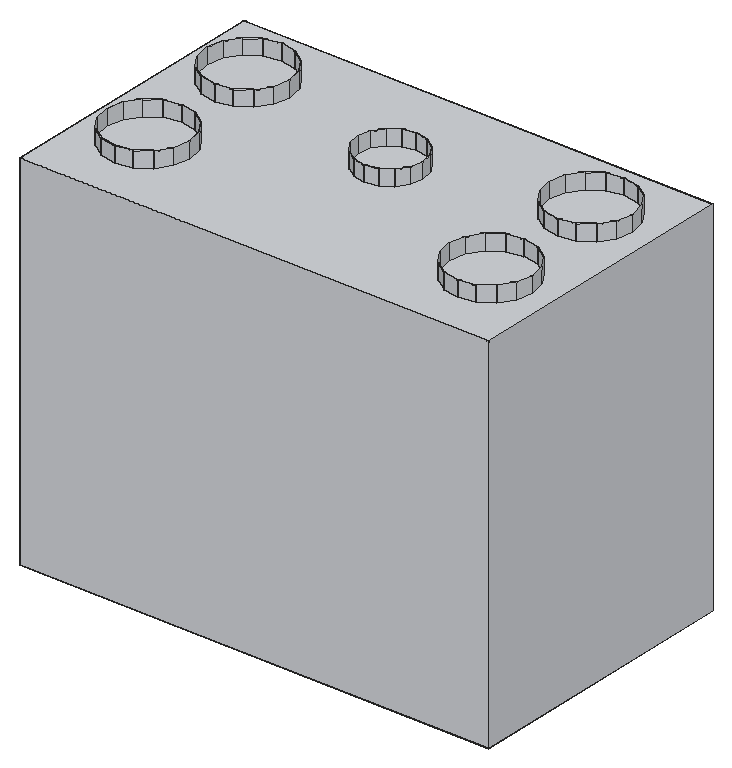
Revit family "Flexit UNI 4 R E EC R 230", category Mechanical Equipment, Revit 2015
Parameters (values of type "Flexit UNI 4 R E EC R 230")
  magiXML = "<Flexit>\r\n  <RevitBlockID>Block1</RevitBlockID>\r\n  <Block id=\"Block1\" view=\"256\" unit_height=\"700\" subtype=\"1001\">\r\n    <prop id=\"QPDClass\">AFA</prop>\r\n    <prop id=\"ProductKey\">Flexit-UNI-4-R-E-EC-R-230</prop>\r\n    <prop id=\"ProductCode\">Flexit UNI 4 R E EC R 230</prop>\r\n    <prop id=\"UnitName\"></prop>\r\n    <prop id=\"Description\" info=\"Unit description\">Flexit UNI 4 R E EC R 230</prop>\r\n    <prop id=\"ProjectFile\" info=\"Flexit project file name\">K2VE.FLX</prop>\r\n    <prop id=\"Weight\" info=\"Weight\" units=\"kg\">86.0</prop>\r\n    <prop id=\"Dimensions\" info=\"Dimensions\" units=\"mm\">900 537 700</prop>\r\n    <prop id=\"SupplyAirFlow\" info=\"Supply air flow\" units=\"m3/h\">100.000</prop>\r\n    <prop id=\"ExtractAirFlow\" info=\"Extract air flow\" units=\"m3/h\">100.000</prop>\r\n    <prop id=\"SupplyPressureDrop\" info=\"Pressure drop: Supply and Outdoor air ductwork\" units=\"Pa\">100</prop>\r\n    <prop id=\"ExtractPressureDrop\" info=\"Pressure drop: Extract and Exhaust air ductwork\" units=\"Pa\">100</prop>\r\n    <prop id=\"SupplySize\" info=\"Unit size Supply\">4</prop>\r\n    <prop id=\"ExtractSize\" info=\"Unit size Extract\">4</prop>\r\n    <prop id=\"SoundTitle\" info=\"Sound data, ambient\"></prop>\r\n    <prop id=\"SoundTitleOctave\" info=\"Frequency band\">63 125 250 500 1k 2k 4k 8k</prop>\r\n    <prop id=\"SoundAmbient\" info=\"Sound data, ambient\" units=\"dB\">15 26 38 27 22 19 11 2</prop>\r\n    <prop id=\"SoundAmbientTotal\" info=\"Sound ambient, total\" units=\"dB(A)\">31</prop>\r\n    <Connection id=\"Connection1\" type=\"duct\" system=\"outdoor\" info=\"Duct connection outdoor\">\r\n      <prop id=\"Dimension\" info=\"Dimensions\" units=\"mm\">160 0 30</prop>\r\n      <prop id=\"Position\">329 -113 365</prop>\r\n      <prop id=\"Direction\">0 0 1</prop>\r\n      <prop id=\"Normal\">-1 0 0</prop>\r\n      <prop id=\"SoundTitle\" info=\"Sound data\"></prop>\r\n      <prop id=\"SoundTitleOctave\" info=\"Frequency band\">63 125 250 500 1k 2k 4k 8k</prop>\r\n      <prop id=\"SoundGeneration\" info=\"Sound generation\" units=\"dB\">59 57 56 55 43 30 19 4</prop>\r\n      <prop id=\"SoundGenerationTotal\" info=\"Sound generation, total\" units=\"dB(A)\">54</prop>\r\n    </Connection>\r\n    <Connection id=\"Connection2\" type=\"duct\" system=\"supply\" info=\"Duct connection supply\">\r\n      <prop id=\"Dimension\" info=\"Dimensions\" units=\"mm\">160 0 30</prop>\r\n      <prop id=\"Position\">-329 -113 365</prop>\r\n      <prop id=\"Direction\">0 0 1</prop>\r\n      <prop id=\"Normal\">-1 0 0</prop>\r\n      <prop id=\"SoundTitle\" info=\"Sound data\"></prop>\r\n      <prop id=\"SoundTitleOctave\" info=\"Frequency band\">63 125 250 500 1k 2k 4k 8k</prop>\r\n      <prop id=\"SoundGeneration\" info=\"Sound generation\" units=\"dB\">68 67 68 63 57 53 42 28</prop>\r\n      <prop id=\"SoundGenerationTotal\" info=\"Sound generation, total\" units=\"dB(A)\">64</prop>\r\n    </Connection>\r\n    <Connection id=\"Connection3\" type=\"duct\" system=\"extract\" info=\"Duct connection extract\">\r\n      <prop id=\"Dimension\" info=\"Dimensions\" units=\"mm\">160 0 30</prop>\r\n      <prop id=\"Position\">-329 127.500000 365</prop>\r\n      <prop id=\"Direction\">0 0 1</prop>\r\n      <prop id=\"Normal\">-1 0 0</prop>\r\n      <prop id=\"SoundTitle\" info=\"Sound data\"></prop>\r\n      <prop id=\"SoundTitleOctave\" info=\"Frequency band\">63 125 250 500 1k 2k 4k 8k</prop>\r\n      <prop id=\"SoundGeneration\" info=\"Sound generation\" units=\"dB\">59 57 56 55 43 30 19 4</prop>\r\n      <prop id=\"SoundGenerationTotal\" info=\"Sound generation, total\" units=\"dB(A)\">54</prop>\r\n    </Connection>\r\n    <Connection id=\"Connection4\" type=\"duct\" system=\"exhaust\" info=\"Duct connection exhaust\">\r\n      <prop id=\"Dimension\" info=\"Dimensions\" units=\"mm\">160 0 30</prop>\r\n      <prop id=\"Position\">329 127.500000 365</prop>\r\n      <prop id=\"Direction\">0 0 1</prop>\r\n      <prop id=\"Normal\">-1 0 0</prop>\r\n      <prop id=\"SoundTitle\" info=\"Sound data\"></prop>\r\n      <prop id=\"SoundTitleOctave\" info=\"Frequency band\">63 125 250 500 1k 2k 4k 8k</prop>\r\n      <prop id=\"SoundGeneration\" info=\"Sound generation\" units=\"dB\">68 67 68 63 57 53 42 28</prop>\r\n      <prop id=\"SoundGenerationTotal\" info=\"Sound generation, total\" units=\"dB(A)\">64</prop>\r\n    </Connection>\r\n    <Connection id=\"Connection5\" type=\"duct\" system=\"outdoor\" info=\"Duct connection outdoor\">\r\n      <prop id=\"Dimension\" info=\"Dimensions\" units=\"mm\">160 0 30</prop>\r\n      <prop id=\"Position\">332 -118 -365</prop>\r\n      <prop id=\"Direction\">0 0 -1</prop>\r\n      <prop id=\"Normal\">1 0 0</prop>\r\n      <prop id=\"SoundTitle\" info=\"Sound data\"></prop>\r\n      <prop id=\"SoundTitleOctave\" info=\"Frequency band\">63 125 250 500 1k 2k 4k 8k</prop>\r\n      <prop id=\"SoundGeneration\" info=\"Sound generation\" units=\"dB\">59 57 56 55 43 30 19 4</prop>\r\n      <prop id=\"SoundGenerationTotal\" info=\"Sound generation, total\" units=\"dB(A)\">54</prop>\r\n    </Connection>\r\n    <Connection id=\"Connection6\" type=\"duct\" system=\"extract\" info=\"Duct connection extract\">\r\n      <prop id=\"Dimension\" info=\"Dimensions\" units=\"mm\">160 0 30</prop>\r\n      <prop id=\"Position\">-332 107.500000 -365</prop>\r\n      <prop id=\"Direction\">0 0 -1</prop>\r\n      <prop id=\"Normal\">1 0 0</prop>\r\n      <prop id=\"SoundTitle\" info=\"Sound data\"></prop>\r\n      <prop id=\"SoundTitleOctave\" info=\"Frequency band\">63 125 250 500 1k 2k 4k 8k</prop>\r\n      <prop id=\"SoundGeneration\" info=\"Sound generation\" units=\"dB\">59 57 56 55 43 30 19 4</prop>\r\n      <prop id=\"SoundGenerationTotal\" info=\"Sound generation, total\" units=\"dB(A)\">54</prop>\r\n    </Connection>\r\n    <Connection id=\"Connection7\" type=\"duct\" system=\"extract\" info=\"Duct connection extract\" kitchen_hood_connection=\"1\">\r\n      <prop id=\"Dimension\" info=\"Dimensions\" units=\"mm\">125 0 30</prop>\r\n      <prop id=\"Position\">0 57.500000 365</prop>\r\n      <prop id=\"Direction\">0 0 1</prop>\r\n      <prop id=\"Normal\">-1 0 0</prop>\r\n      <prop id=\"SoundTitle\" info=\"Sound data\"></prop>\r\n      <prop id=\"SoundTitleOctave\" info=\"Frequency band\">63 125 250 500 1k 2k 4k 8k</prop>\r\n      <prop id=\"SoundGeneration\" info=\"Sound generation\" units=\"dB\">59 57 56 55 43 30 19 4</prop>\r\n      <prop id=\"SoundGenerationTotal\" info=\"Sound generation, total\" units=\"dB(A)\">54</prop>\r\n    </Connection>\r\n    <gm_model nNodes=\"778\">0QcEAAAAAAAAIHzAAAAAAADIcMAAAAAAAOB1QNIHYwAAAAAAACB8QAAAAAAAyHDAAAAAAADgdUDSBwQAAAAAAAAgfEAAAAAAAMhwQAAAAAAA4HVA0wdjAAAAAAAAIHzAAAAAAADIcEAAAAAAAOB1QNEHYwAAAAAAACB8wAAAAAAAyHDAAAAAAADgdcDSBwQAAAAAAAAgfMAAAAAAAMhwQAAAAAAA4HXA0gdjAAAAAAAAIHxAAAAAAADIcEAAAAAAAOB1wNMHBAAAAAAAACB8QAAAAAAAyHDAAAAAAADgdcDRB2MAAAAAAAAgfMAAAAAAAMhwQAAAAAAA4HVA0gcEAAAAAAAAIHxAAAAAAADIcEAAAAAAAOB1QNIHYwAAAAAAACB8QAAAAAAAyHBAAAAAAADgdcDTBwQAAAAAAAAgfMAAAAAAAMhwQAAAAAAA4HXA0QcEAAAAAAAAIHzAAAAAAADIcMAAAAAAAOB1QNIHYwAAAAAAACB8wAAAAAAAyHDAAAAAAADgdcDSBwQAAAAAAAAgfEAAAAAAAMhwwAAAAAAA4HXA0wdjAAAAAAAAIHxAAAAAAADIcMAAAAAAAOB1QNEHBAAAAAAAACB8wAAAAAAAyHDAAAAAAADgdUDSB2MAAAAAAAAgfMAAAAAAAMhwQAAAAAAA4HVA0gcEAAAAAAAAIHzAAAAAAADIcEAAAAAAAOB1wNMHYwAAAAAAACB8wAAAAAAAyHDAAAAAAADgdcDRB2MAAAAAAAAgfEAAAAAAAMhwwAAAAAAA4HVA0gcEAAAAAAAAIHxAAAAAAADIcMAAAAAAAOB1wNIHYwAAAAAAACB8QAAAAAAAyHBAAAAAAADgdcDTBwQAAAAAAAAgfEAAAAAAAMhwQAAAAAAA4HVA6QMEAFyPwvUoIHzAAAAAAADQbcAAAAAAAOB1wOsDAABcj8L1KCB8wAAAAAAA0G3AAAAAAADgdUDpAwQAXI/C9SggfEAAAAAAANBtwAAAAAAA4HXA6wMAAFyPwvUoIHxAAAAAAADQbcAAAAAAAOB1QOkDBAAAAAAAACB8QFyPwvUoyHBAAAAAAADgdcDqAwQAAAAAAAAgfEBcj8L1KMhwQAAAAAAA4HVA6gMEAAAAAAAAIHzAXI/C9SjIcEAAAAAAAOB1QOoDBAAAAAAAACB8wFyPwvUoyHBAAAAAAADgdcDrAwAAAAAAAAAgfEBcj8L1KMhwQAAAAAAA4HXA6QMEAAAAAAAAgFZAXI/C9SjIcEAAAAAAAOB1wOoDBAAAAAAAAIBWQFyPwvUoyHBAAAAAAACAUUDqAwQAAAAAAACAVsBcj8L1KMhwQAA
    AAAAAgFFA6gMEAAAAAAAAgFbAXI/C9SjIcEAAAAAAAOB1wOsDAAAAAAAAAIBWQFyPwvUoyHBAAAAAAADgdcD9AwQAAAAAAAAAAABcj8L1KMhwQAAAAAAAgGHA/gMAAAAAAAAAAAAAAAAAAAAA8D8AAAAAAAAAAP8DAAAAAAAAAABSQAAAAAAAAAAAAAAAAAAAAADpAwQARksyM7J0ScBcj8L1KMhwQF3aZuamRVbA6wMAAEZLMjOydElAXI/C9SjIcEDSksyMLN1nwOkDBAA0whrNyNIdwFyPwvUoyHBAaUlmRpauZMDrAwAAAPOOGVm6RcBcj8L1KMhwQGlJZkaWrmTA6QMEAADzjhlZukVAXI/C9SjIcEBSGQUAAIBewOsDAAA0whrNyNIdQFyPwvUoyHBAUhkFAACAXsDpAwQARksyM7J0OUBcj8L1KMhwQAAAAAAAgGHA6wMAAEZLMjOydDlAXI/C9SjIcECkMgoAAABawOkDBAAAAAAAAIBWQFyPwvUoyHBAAAAAAACASEDrAwAAAAAAAACAVsBcj8L1KMhwQAAAAAAAgEhA6QMEAAAAAAAAgFZAXI/C9SjIcEAAAAAAAAA8QOsDAAAAAAAAAIBWwFyPwvUoyHBAAAAAAAAAPEDpAwQAAAAAAACAVkBcj8L1KMhwQAAAAAAAABxA6wMAAAAAAAAAgFbAXI/C9SjIcEAAAAAAAAAcQOkDBAAAAAAAAIBWQFyPwvUoyHBAAAAAAAAALMDrAwAAAAAAAACAVsBcj8L1KMhwQAAAAAAAACzA6QMEAAAAAAAAgFZAXI/C9SjIcEAAAAAAAIBBwOsDAAAAAAAAAIBWwFyPwvUoyHBAAAAAAACAQcDpAwQAAAAAAACAVkBcj8L1KMhwQAAAAAAAAEzA6wMAAAAAAAAAgFbAXI/C9SjIcEAAAAAAAABMwOkDBAAAAAAAAIBWQFyPwvUoyHBAAAAAAABAU8DrAwAAWpy8Q61tQUBcj8L1KMhwQAAAAAAAQFPA6QMEAFqcvEOtbUHAXI/C9SjIcEAAAAAAAEBTwOsDAAAAAAAAAIBWwFyPwvUoyHBAAAAAAABAU8DpAwQAAAAAAACAVkBcj8L1KMhwQAAAAAAAgFjA6wMAAHJgF76JPU1AXI/C9SjIcEAAAAAAAIBYwOkDBAByYBe+iT1NwFyPwvUoyHBAAAAAAACAWMDrAwAAAAAAAACAVsBcj8L1KMhwQAAAAAAAgFjA6QMEAAAAAAAAgFZAXI/C9SjIcEAAAAAAAMBdwOsDAAC9RszupDdRQFyPwvUoyHBAAAAAAADAXcDpAwQAvUbM7qQ3UcBcj8L1KMhwQAAAAAAAwF3A6wMAAAAAAAAAgFbAXI/C9SjIcEAAAAAAAMBdwOkDBAAAAAAAAIBWQFyPwvUoyHBAAAAAAACAYcDrAwAAAAAAAAAAUkBcj8L1KMhwQAAAAAAAgGHA6QMEAAAAAAAAAFLAXI/C9SjIcEAAAAAAAIBhwOsDAAAAAAAAAIBWwFyPwvUoyHBAAAAAAACAYcDpAwQAAAAAAACAVkBcj8L1KMhwQAAAAAAAIGTA6wMAAL1GzO6kN1FAXI/C9SjIcEAAAAAAACBkwOkDBAC9RszupDdRwFyPwvUoyHBAAAAAAAAgZMDrAwAAAAAAAACAVsBcj8L1KMhwQAAAAAAAIGTA6QMEAAAAAAAAgFZAXI/C9SjIcEAAAAAAAMBmwOsDAAByYBe+iT1NQFyPwvUoyHBAAAAAAADAZsDpAwQAcmAXvok9TcBcj8L1KMhwQAAAAAAAwGbA6wMAAAAAAAAAgFbAXI/C9SjIcEAAAAAAAMBmwOkDBAAAAAAAAIBWQFyPwvUoyHBAAAAAAABgacDrAwAAWpy8Q61tQUBcj8L1KMhwQAAAAAAAYGnA6QMEAFqcvEOtbUHAXI/C9SjIcEAAAAAAAGBpwOsDAAAAAAAAAIBWwFyPwvUoyHBAAAAAAABgacDpAwQAAAAAAACAVkBcj8L1KMhwQAAAAAAAAGzA6wMAAAAAAAAAgFbAXI/C9SjIcEAAAAAAAABswOkDBAAAAAAAAIBWQFyPwvUoyHBAAAAAAACgbsDrAwAAAAAAAACAVsBcj8L1KMhwQAAAAAAAoG7A6QMEAAAAAAAAgFZAXI/C9SjIcEAAAAAAAKBwwOsDAAAAAAAAAIBWwFyPwvUoyHBAAAAAAACgcMDpAwQAAAAAAACAVkBcj8L1KMhwQAAAAAAA8HHA6wMAAAAAAAAAgFbAXI/C9SjIcEAAAAAAAPBxwOkDBAAAAAAAAIBWQFyPwvUoyHBAAAAAAABAc8DrAwAAAAAAAACAVsBcj8L1KMhwQAAAAAAAQHPA6QMEAAAAAAAAgFZAXI/C9SjIcEAAAAAAAJB0wOsDAAAAAAAAAIBWwFyPwvUoyHBAAAAAAACQdMDpAwQAAAAAAAAAAABcj8L1KMhwQAAAAAAA4HVA6wMAAAAAAAAAAAAAXI/C9SjIcEAAAAAAAIBRQOkDBAAAAAAAACBswFyPwvUoyHBAAAAAAADgdUDrAwAAAAAAAAAgbMBcj8L1KMhwQAAAAAAAgGHA6QMEAAAAAAAAIGxAXI/C9SjIcEAAAAAAAOB1QOsDAAAAAAAAACBsQFyPwvUoyHBAAAAAAACAYcDpAwQAAAAAAAAgbMBcj8L1KMhwQAAAAAAAgGHA6wMAAAAAAAAAgFbAXI/C9SjIcEAAAAAAAIBhwOkDBAAAAAAAACBsQFyPwvUoyHBAAAAAAACAYcDrAwAAAAAAAACAVkBcj8L1KMhwQAAAAAAAgGHA6QMEAAAAAAAAgFbAXI/C9SjIcEAAAAAAAOB1wOoDBAAAAAAAAIBWwFyPwvUoyHBAAAAAAACAYcDqAwQAAAAAAACAZsBcj8L1KMhwQAAAAAAAgGHA6gMEAAAAAAAAgGbAXI/C9SjIcEAAAAAAAOB1wOsDAAAAAAAAAIBWwFyPwvUoyHBAAAAAAADgdcDpAwQAAAAAAACAVsBcj8L1KMhwQAAAAAAA4HXA6wMAAAAAAAAAgGbAXI/C9SjIcEAAAAAAAJhywOkDBAAAAAAAAIBWwFyPwvUoyHBAAAAAAACgbsDrAwAAAAAAAACAZsBcj8L1KMhwQAAAAAAAmHLA6QMEAAAAAAAAgFbAXI/C9SjIcEAAAAAAAKBuwOsDAAAAAAAAAIBmwFyPwvUoyHBAAAAAAAAQaMDpAwQAAAAAAACAVsBcj8L1KMhwQAAAAAAAgGHA6wMAAAAAAAAAgGbAXI/C9SjIcEAAAAAAABBowOkDBAAAAAAAAIBmQFyPwvUoyHBAAAAAAACAYcDqAwQAAAAAAACAZkBcj8L1KMhwQAAAAAAAgFFA6gMEAAAAAAAAgFZAXI/C9SjIcEAAAAAAAIBRQOoDBAAAAAAAAIBWQFyPwvUoyHBAAAAAAACAYcDrAwAAAAAAAACAZkBcj8L1KMhwQAAAAAAAgGHA6QMEAAAAAAAAgGZAXI/C9SjIcEAAAAAAAIBhwOsDAAAAAAAAAIBWQFyPwvUoyHBAAAAAAADgVcDpAwQAAAAAAACAZkBcj8L1KMhwQAAAAAAAgEHA6wMAAAAAAAAAgFZAXI/C9SjIcEAAAAAAAOBVwOkDBAAAAAAAAIBmQFyPwvUoyHBAAAAAAACAQcDrAwAAAAAAAACAVkBcj8L1KMhwQAAAAAAAgDFA6QMEAAAAAAAAgGZAXI/C9SjIcEAAAAAAAIBRQOsDAAAAAAAAAIBWQFyPwvUoyHBAAAAAAACAMUDpAwQAAAAAAAAAAABcj8L1KMhwQAAAAAAA4HVA6gMEAAAAAAAAIGzAXI/C9SjIcEAAAAAAAOB1QOoDBAAAAAAAACBswFyPwvUoyHBAAAAAAABocEDqAwQAAAAAAAAAAABcj8L1KMhwQAAAAAAAaHBA6wMAAAAAAAAAAAAAXI/C9SjIcEAAAAAAAOB1QP0DBAAAAAAAACBcwFyPwvUoyHBAAAAAAAAkc0D+AwAAAAAAAAAAAAAAAAAAAADwPwAAAAAAAAAA/wMAAAAAAAAAaEBAAAAAAAAAAAAAAAAAAAAAAOkDBAAAAAAAACBcwFyPwvUoyHBAAAAAAACCdEDrAwAAAAAAAAAgXMBcj8L1KMhwQAAAAAAAxnFA6QMEAAAAAAAAqFbAXI/C9SjIcEAAAAAAACRzQOsDAAAAAAAAAMxgwFyPwvUoyHBAAAAAAAAkc0DpAwQAAAAAAAAgbMBcj8L1KMhwQAAAAAAA4FVA6gMEAAAAAAAAAAAAXI/C9SjIcEAAAAAAAOBVQOoDBAAAAAAAAAAAAFyPwvUoyHBAAAAAAABocEDqAwQAAAAAAAAgbMBcj8L1KMhwQAAAAAAAaHBA6wMAAAAAAAAAIGzAXI/C9SjIcEAAAAAAAOBVQP0DBAAAAAAAACBcwFyPwvUoyHBAAAAAAADgZUD+AwAAAAAAAAAAAAAAAAAAAADwPwAAAAAAAAAA/wMAAAAAAAAAaFBAAAAAAAAAAAAAAAAAAAAAAOkDBAAAAAAAACBcwFyPwvUoyHBAAAAAAAAUbkDrAwAAJwIw+WLVS8Bcj8L1KMhwQAAAAAAAxmFA6QMEACcCMPli1UvAXI/C9SjIcEAAAAAAAMZhQOsDAAB2/7NBpyplwFyPwvUoyHBAAAAAAADGYUDpAwQAdv+zQacqZcBcj8L1KMhwQAAAAAAAxmFA6wMAAAAAAAAAIFzAXI/C9SjIcEAAAAAAABRuQOkDBAAAAAAAACBsQFyPwvUoyHBAAAAAAADgVUDqAwQAAAAAAAAgfEBcj8L1KMhwQAAAAAAA4FVA6gMEAAAAAAAAIHxAXI/C9SjIcEAAAAAAAGhwQOoDBAAAAAAAACBsQFyPwvUoyHBAAAAAAABocEDrAwAAAAAAAAAgbEBcj8L1KMhwQAAAAAAA4FVA/QMEAAAAAAAAGHVAXI/C9SjIcEAAAAAAAOBlQP4DAAAAAAAAAAAAAAAAAAAAAPA/AAAAAAAAAAD/AwAAAAAAAABoUEAAAAAAAAAAAAAAAAAAAAAA6QMEAAAAAAAAGHVAXI/C9SjIcEAAAAAAABRuQOsDAAC7/9mgU6V4QFyPwvUoyHBAAAAAAADGYUDpAwQAu//ZoFOleEBcj8L1KMhwQAAAAAAAxmFA6wMAAEUAJl+sinFAXI/C9SjIcEAAAAAAAMZhQOkDBABFACZfrIpxQFyPwvUoyHBAAAAAAADGYUDrAwAAAAAAAAAYdUBcj8L1KMhwQAAAAAAAFG5A6QMEAAAAAAAAIHxAXI/C9SjIcMAAAAAAAOB1wOoDBAAAAAAAACB8QFyPwvUoyHDAAAAAAADgdUDqAwQAAAAAAAAgfMBcj8L1KMhwwAAAAAAA4HVA6gMEAAAAAAAAIHzAXI/C9SjIcMAAAAAAAOB1wOsDAAAAAAAAACB8QFyPwvUoyHDAAAAAAADgdcDpAwQAAAAAAACAVkBcj8L1KMhwwAAAAAAA4HXA6gMEAAAAAAAAgFZAXI/C9SjIcMAAAAAAAIBRQOoDBAAAAAAAAIBWwFyPwvUoyHDAAAAAAACAUUDqAwQAAAAAAACAVsBcj8L1KMhwwAAAAAAA4HXA6wMAAAAAAAAAgFZAXI/C9SjIcMAAAAAAAOB1wP0DBAAAAAAAAAAAAFyPwvUoyHDAAAAAAACAYcD+AwAAAAAAAAAAAAAAAAAAAADwPwAAAAAAAAAA/wMAAAAAAAAAAFJAAAAAAAAAAAAAAAAAAAAAAOkDBABGSzIzsnRJwFyPwvUoyHDAXdpm5qZFVsDrAwAARksyM7J0SUBcj8L1KMhwwNKSzIws3WfA6QMEADTCGs3I0h3AXI/C9SjIcMBpSWZGlq5kwOsDAAAA844ZWbpFwFyPwvUoyHDAaUlmRpauZMDpAwQAAPOOGVm6RUBcj8L1KMhwwFIZBQAAgF7A6wMAADTCGs3I0h1AXI/C9SjIcMBSGQUAAIBewOkDBABGSzIzsnQ5QFyPwvUoyHDAAAAAAACAYcDrAwAARksyM7J0OUBcj8L1KMhwwKQyCgAAAFrA6QMEAAAAAAAAgFZAXI/C9SjIcMAAAAAAAIBIQOsDAAAAAAAAAIBWwFyPwvUoyHDAAAAAAACASEDpAwQAAAAAAACAVkBcj8L1KMhwwAAAAAAAADxA6wMAAAAAAAAAgFbAXI/C9SjIcMAAAAAAAAA8QOkDBAAAAAAAAIBWQFyPwvUoyHDAAAAAAAAAHEDrAwAAAAAAAACAVsBcj8L1KMhwwAAAAAAAABxA6QMEAAAAAAAAgFZAXI/C9SjIcMAAAAAAAAAswOsDAAAAAAAAAIBWwFyPwvUoyHDAAAAAAAAALMDpAwQAAAAAAACAVkBcj8L1KMhwwAAAAAAAgEHA6wMAAAAAAAAAgFbAXI/C9SjIcMAAAAAAAIBBwOkDBAAAAAAAAIBWQFyPwvUoyHDAAAAAAAAATMDrAwAAAAAAAACAVsBcj8L1KMhwwAAAAAAAAEzA6QMEAAAAAAAAgFZAXI/C9SjIcMAAAAAAAEBTwOsDAABanLxDrW1BQFyPwvUoyHDAAAAAAABAU8DpAwQAWpy8Q61tQcBcj8L1KMhwwAAAAAAAQFPA6wMAAAAAAAAAgFbAXI/C9SjIcMAAAAAAAEBTwOkDBAAAAAAAAIBWQFyPwvUoyHDAAAAAAACAWMDrAwAAcmAXvok9TUBcj8L1KMhwwAAAAAAAgFjA6QMEAHJgF76JPU3AXI/C9SjIcMAAAAAAAIBYwOsDAAAAAAAAAIBWwFyPwvUoyHDAAAAAAACAWMDpAwQAAAAAAACAVkBcj8L1KMhwwAAAAAAAwF3A6wMAAL1GzO6kN1FAXI/C9SjIcMAAAAAAAMBdwOkDBAC9RszupDdRwFyPwvUoyHDAAAAAAADAXcDrAwAAAAAAAACAVsBcj8L1KMhwwAAAAAAAwF3A6QMEAAAAAAAAgFZAXI/C9SjIcMAAAAAAAIBhwOsDAAAAAAAAAABSQFyPwvUoyHDAAAAAAACAYcDpAwQAAAAAAAAAUsBcj8L1KMhwwAAAAAAAgGHA6wMAAAAAAAAAgFbAXI/C9SjIcMAAAAAAAIBhwOkDBAAAAAAAAIBWQFyPwvUoyHDAAAAAAAAgZMDrAwAAvUbM7qQ3UUBcj8L1KMhwwAAAAAAAIGTA6QMEAL1GzO6kN1HAXI/C9SjIcMAAAAAAACBkwOsDAAAAAAAAAIBWwFyPwvUoyHDAAAAAAAAgZMDpAwQAAAAAAACAVkBcj8L1KMhwwAAAAAAAwGbA6wMAAHJgF76JPU1AXI/C9SjIcMAAAAAAAMBmwOkDBAByYBe+iT1NwFyPwvUoyHDAAAAAAADAZsDrAwAAAAAAAACAVsBcj8L1KMhwwAAAAAAAwGbA6QMEAAAAAAAAgFZAXI/C9SjIcMAAAAAAAGBpwOsDAABanLxDrW1BQFyPwvUoyHDAAAAAAABgacDpAwQAWpy8Q61tQcBcj8L1KMhwwAAAAAAAYGnA6wMAAAAAAAAAgFbAXI/C9SjIcMAAAAAAAGBpwOkDBAAAAAAAAIBWQFyPwvUoyHDAAAAAAAAAbMDrAwAAAAAAAACAVsBcj8L1KMhwwAAAAAAAAGzA6QMEAAAAAAAAgFZAXI/C9SjIcMAAAAAAAKBuwOsDAAAAAAAAAIBWwFyPwvUoyHDAAAAAAACgbsDpAwQAAAAAAACAVkBcj8L1KMhwwAAAAAAAoHDA6wMAAAAAAAAAgFbAXI/C9SjIcMAAAAAAAKBwwOkDBAAAAAAAAIBWQFyPwvUoyHDAAAAAAADwccDrAwAAAAAAAACAVsBcj8L1KMhwwAAAAAAA8HHA6QMEAAAAAAAAgFZAXI/C9SjIcMAAAAAAAEBzwOsDAAAAAAAAAIBWwFyPwvUoyHDAAAAAAABAc8DpAwQAAAAAAACAVkBcj8L1KMhwwAAAAAAAkHTA6wMAAAAAAAAAgFbAXI/C9SjIcMAAAAAAAJB0wOk
    DBAAAAAAAAAAAAFyPwvUoyHDAAAAAAADgdUDrAwAAAAAAAAAAAABcj8L1KMhwwAAAAAAAgFFA6QMEAAAAAAAAIGzAXI/C9SjIcMAAAAAAAOB1QOsDAAAAAAAAACBswFyPwvUoyHDAAAAAAACAYcDpAwQAAAAAAAAgbEBcj8L1KMhwwAAAAAAA4HVA6wMAAAAAAAAAIGxAXI/C9SjIcMAAAAAAAIBhwOkDBAAAAAAAACBswFyPwvUoyHDAAAAAAACAYcDrAwAAAAAAAACAVsBcj8L1KMhwwAAAAAAAgGHA6QMEAAAAAAAAIGxAXI/C9SjIcMAAAAAAAIBhwOsDAAAAAAAAAIBWQFyPwvUoyHDAAAAAAACAYcDpAwQAAAAAAACAVsBcj8L1KMhwwAAAAAAA4HXA6gMEAAAAAAAAgFbAXI/C9SjIcMAAAAAAAIBhwOoDBAAAAAAAAIBmwFyPwvUoyHDAAAAAAACAYcDqAwQAAAAAAACAZsBcj8L1KMhwwAAAAAAA4HXA6wMAAAAAAAAAgFbAXI/C9SjIcMAAAAAAAOB1wOkDBAAAAAAAAIBWwFyPwvUoyHDAAAAAAADgdcDrAwAAAAAAAACAZsBcj8L1KMhwwAAAAAAAmHLA6QMEAAAAAAAAgFbAXI/C9SjIcMAAAAAAAKBuwOsDAAAAAAAAAIBmwFyPwvUoyHDAAAAAAACYcsDpAwQAAAAAAACAVsBcj8L1KMhwwAAAAAAAoG7A6wMAAAAAAAAAgGbAXI/C9SjIcMAAAAAAABBowOkDBAAAAAAAAIBWwFyPwvUoyHDAAAAAAACAYcDrAwAAAAAAAACAZsBcj8L1KMhwwAAAAAAAEGjA6QMEAAAAAAAAgGZAXI/C9SjIcMAAAAAAAIBhwOoDBAAAAAAAAIBmQFyPwvUoyHDAAAAAAACAUUDqAwQAAAAAAACAVkBcj8L1KMhwwAAAAAAAgFFA6gMEAAAAAAAAgFZAXI/C9SjIcMAAAAAAAIBhwOsDAAAAAAAAAIBmQFyPwvUoyHDAAAAAAACAYcDpAwQAAAAAAACAZkBcj8L1KMhwwAAAAAAAgGHA6wMAAAAAAAAAgFZAXI/C9SjIcMAAAAAAAOBVwOkDBAAAAAAAAIBmQFyPwvUoyHDAAAAAAACAQcDrAwAAAAAAAACAVkBcj8L1KMhwwAAAAAAA4FXA6QMEAAAAAAAAgGZAXI/C9SjIcMAAAAAAAIBBwOsDAAAAAAAAAIBWQFyPwvUoyHDAAAAAAACAMUDpAwQAAAAAAACAZkBcj8L1KMhwwAAAAAAAgFFA6wMAAAAAAAAAgFZAXI/C9SjIcMAAAAAAAIAxQOkDBAAAAAAAAAAAAFyPwvUoyHDAAAAAAADgdUDqAwQAAAAAAAAgbMBcj8L1KMhwwAAAAAAA4HVA6gMEAAAAAAAAIGzAXI/C9SjIcMAAAAAAAGhwQOoDBAAAAAAAAAAAAFyPwvUoyHDAAAAAAABocEDrAwAAAAAAAAAAAABcj8L1KMhwwAAAAAAA4HVA/QMEAAAAAAAAIFzAXI/C9SjIcMAAAAAAACRzQP4DAAAAAAAAAAAAAAAAAAAAAPA/AAAAAAAAAAD/AwAAAAAAAABoQEAAAAAAAAAAAAAAAAAAAAAA6QMEAAAAAAAAIFzAXI/C9SjIcMAAAAAAAIJ0QOsDAAAAAAAAACBcwFyPwvUoyHDAAAAAAADGcUDpAwQAAAAAAACoVsBcj8L1KMhwwAAAAAAAJHNA6wMAAAAAAAAAzGDAXI/C9SjIcMAAAAAAACRzQOkDBAAAAAAAACBswFyPwvUoyHDAAAAAAADgVUDqAwQAAAAAAAAAAABcj8L1KMhwwAAAAAAA4FVA6gMEAAAAAAAAAAAAXI/C9SjIcMAAAAAAAGhwQOoDBAAAAAAAACBswFyPwvUoyHDAAAAAAABocEDrAwAAAAAAAAAgbMBcj8L1KMhwwAAAAAAA4FVA/QMEAAAAAAAAIFzAXI/C9SjIcMAAAAAAAOBlQP4DAAAAAAAAAAAAAAAAAAAAAPA/AAAAAAAAAAD/AwAAAAAAAABoUEAAAAAAAAAAAAAAAAAAAAAA6QMEAAAAAAAAIFzAXI/C9SjIcMAAAAAAABRuQOsDAAAnAjD5YtVLwFyPwvUoyHDAAAAAAADGYUDpAwQAJwIw+WLVS8Bcj8L1KMhwwAAAAAAAxmFA6wMAAHb/s0GnKmXAXI/C9SjIcMAAAAAAAMZhQOkDBAB2/7NBpyplwFyPwvUoyHDAAAAAAADGYUDrAwAAAAAAAAAgXMBcj8L1KMhwwAAAAAAAFG5A6QMEAAAAAAAAIGxAXI/C9SjIcMAAAAAAAOBVQOoDBAAAAAAAACB8QFyPwvUoyHDAAAAAAADgVUDqAwQAAAAAAAAgfEBcj8L1KMhwwAAAAAAAaHBA6gMEAAAAAAAAIGxAXI/C9SjIcMAAAAAAAGhwQOsDAAAAAAAAACBsQFyPwvUoyHDAAAAAAADgVUD9AwQAAAAAAAAYdUBcj8L1KMhwwAAAAAAA4GVA/gMAAAAAAAAAAAAAAAAAAAAA8D8AAAAAAAAAAP8DAAAAAAAAAGhQQAAAAAAAAAAAAAAAAAAAAADpAwQAAAAAAAAYdUBcj8L1KMhwwAAAAAAAFG5A6wMAALv/2aBTpXhAXI/C9SjIcMAAAAAAAMZhQOkDBAC7/9mgU6V4QFyPwvUoyHDAAAAAAADGYUDrAwAARQAmX6yKcUBcj8L1KMhwwAAAAAAAxmFA6QMEAEUAJl+sinFAXI/C9SjIcMAAAAAAAMZhQOsDAAAAAAAAABh1QFyPwvUoyHDAAAAAAAAUbkDpAwQAAAAAAAAgfEAAAAAAANBtwFyPwvUo4HVA6wMAAAAAAAAAIHzAAAAAAADQbcBcj8L1KOB1QOkDBAAAAAAAACB8QAAAAAAA0G3AXI/C9SjgdcDrAwAAAAAAAAAgfMAAAAAAANBtwFyPwvUo4HXA0QcHAAAAAAAAIG9AAAAAAAAgXMAAAAAAAOB1QNIHYAC1M0BP3uJvQJRKC2qr42HAAAAAAADgdUDSBwcAtTNAT97ib0CUSgtqq+NhwAAAAAAAwHdA0wdgAAAAAAAAIG9AAAAAAAAgXMAAAAAAAMB3QNEHBwC1M0BP3uJvQJRKC2qr42HAAAAAAADgdUDSB2AA6x78P+cGcUAqwgeAMSJlwAAAAAAA4HVA0gcHAOse/D/nBnFAKsIHgDEiZcAAAAAAAMB3QNMHYAC1M0BP3uJvQJRKC2qr42HAAAAAAADAd0DRBwcA6x78P+cGcUAqwgeAMSJlwAAAAAAA4HVA0gdgALZa+koqpnJAS8y/sCFNZ8AAAAAAAOB1QNIHBwC2WvpKKqZyQEvMv7AhTWfAAAAAAADAd0DTB2AA6x78P+cGcUAqwgeAMSJlwAAAAAAAwHdA0QcHALZa+koqpnJAS8y/sCFNZ8AAAAAAAOB1QNIHYAAAAAAAAJB0QAAAAAAAEGjAAAAAAADgdUDSBwcAAAAAAACQdEAAAAAAABBowAAAAAAAwHdA0wdgALZa+koqpnJAS8y/sCFNZ8AAAAAAAMB3QNEHBwAAAAAAAJB0QAAAAAAAEGjAAAAAAADgdUDSB2AASqUFtdV5dkBLzL+wIU1nwAAAAAAA4HVA0gcHAEqlBbXVeXZAS8y/sCFNZ8AAAAAAAMB3QNMHYAAAAAAAAJB0QAAAAAAAEGjAAAAAAADAd0DRBwcASqUFtdV5dkBLzL+wIU1nwAAAAAAA4HVA0gdgABXhA8AYGXhAKsIHgDEiZcAAAAAAAOB1QNIHBwAV4QPAGBl4QCrCB4AxImXAAAAAAADAd0DTB2AASqUFtdV5dkBLzL+wIU1nwAAAAAAAwHdA0QcHABXhA8AYGXhAKsIHgDEiZcAAAAAAAOB1QNIHYAAm5l/YkC55QJRKC2qr42HAAAAAAADgdUDSBwcAJuZf2JAueUCUSgtqq+NhwAAAAAAAwHdA0wdgABXhA8AYGXhAKsIHgDEiZcAAAAAAAMB3QNEHBwAm5l/YkC55QJRKC2qr42HAAAAAAADgdUDSB2AAAAAAAACQeUAAAAAAACBcwAAAAAAA4HVA0gcHAAAAAAAAkHlAAAAAAAAgXMAAAAAAAMB3QNMHYAAm5l/YkC55QJRKC2qr42HAAAAAAADAd0DRBwcAAAAAAACQeUAAAAAAACBcwAAAAAAA4HVA0gdgACbmX9iQLnlA12rpK6l4VMAAAAAAAOB1QNIHBwAm5l/YkC55QNdq6SupeFTAAAAAAADAd0DTB2AAAAAAAACQeUAAAAAAACBcwAAAAAAAwHdA0QcHACbmX9iQLnlA12rpK6l4VMAAAAAAAOB1QNIHYAAV4QPAGBl4QFb34P8590vAAAAAAADgdUDSBwcAFeEDwBgZeEBW9+D/OfdLwAAAAAAAwHdA0wdgACbmX9iQLnlA12rpK6l4VMAAAAAAAMB3QNEHBwAV4QPAGBl4QFb34P8590vAAAAAAADgdUDSB2AASqUFtdV5dkDUzgA9eUtDwAAAAAAA4HVA0gcHAEqlBbXVeXZA1M4APXlLQ8AAAAAAAMB3QNMHYAAV4QPAGBl4QFb34P8590vAAAAAAADAd0DRBwcASqUFtdV5dkDUzgA9eUtDwAAAAAAA4HVA0gdgAAAAAAAAkHRAAAAAAABAQMAAAAAAAOB1QNIHBwAAAAAAAJB0QAAAAAAAQEDAAAAAAADAd0DTB2AASqUFtdV5dkDUzgA9eUtDwAAAAAAAwHdA0QcHAAAAAAAAkHRAAAAAAABAQMAAAAAAAOB1QNIHYAC2WvpKKqZyQNTOAD15S0PAAAAAAADgdUDSBwcAtlr6SiqmckDUzgA9eUtDwAAAAAAAwHdA0wdgAAAAAAAAkHRAAAAAAABAQMAAAAAAAMB3QNEHBwC2WvpKKqZyQNTOAD15S0PAAAAAAADgdUDSB2AA6x78P+cGcUBW9+D/OfdLwAAAAAAA4HVA0gcHAOse/D/nBnFAVvfg/zn3S8AAAAAAAMB3QNMHYAC2WvpKKqZyQNTOAD15S0PAAAAAAADAd0DRBwcA6x78P+cGcUBW9+D/OfdLwAAAAAAA4HVA0gdgALUzQE/e4m9A12rpK6l4VMAAAAAAAOB1QNIHBwC1M0BP3uJvQNdq6SupeFTAAAAAAADAd0DTB2AA6x78P+cGcUBW9+D/OfdLwAAAAAAAwHdA0QcHALUzQE/e4m9A12rpK6l4VMAAAAAAAOB1QNIHYAAAAAAAACBvQAAAAAAAIFzAAAAAAADgdUDSBwcAAAAAAAAgb0AAAAAAACBcwAAAAAAAwHdA0wdgALUzQE/e4m9A12rpK6l4VMAAAAAAAMB3QNEHCAAAAAAAAJB5wAAAAAAAIFzAAAAAAADgdUDSB2AAJuZf2JAuecCUSgtqq+NhwAAAAAAA4HVA0gcIACbmX9iQLnnAlEoLaqvjYcAAAAAAAMB3QNMHYAAAAAAAAJB5wAAAAAAAIFzAAAAAAADAd0DRBwgAJuZf2JAuecCUSgtqq+NhwAAAAAAA4HVA0gdgABXhA8AYGXjAKsIHgDEiZcAAAAAAAOB1QNIHCAAV4QPAGBl4wCrCB4AxImXAAAAAAADAd0DTB2AAJuZf2JAuecCUSgtqq+NhwAAAAAAAwHdA0QcIABXhA8AYGXjAKsIHgDEiZcAAAAAAAOB1QNIHYABKpQW11Xl2wEvMv7AhTWfAAAAAAADgdUDSBwgASqUFtdV5dsBLzL+wIU1nwAAAAAAAwHdA0wdgABXhA8AYGXjAKsIHgDEiZcAAAAAAAMB3QNEHCABKpQW11Xl2wEvMv7AhTWfAAAAAAADgdUDSB2AAAAAAAACQdMAAAAAAABBowAAAAAAA4HVA0gcIAAAAAAAAkHTAAAAAAAAQaMAAAAAAAMB3QNMHYABKpQW11Xl2wEvMv7AhTWfAAAAAAADAd0DRBwgAAAAAAACQdMAAAAAAABBowAAAAAAA4HVA0gdgALZa+koqpnLAS8y/sCFNZ8AAAAAAAOB1QNIHCAC2WvpKKqZywEvMv7AhTWfAAAAAAADAd0DTB2AAAAAAAACQdMAAAAAAABBowAAAAAAAwHdA0QcIALZa+koqpnLAS8y/sCFNZ8AAAAAAAOB1QNIHYADrHvw/5wZxwCrCB4AxImXAAAAAAADgdUDSBwgA6x78P+cGccAqwgeAMSJlwAAAAAAAwHdA0wdgALZa+koqpnLAS8y/sCFNZ8AAAAAAAMB3QNEHCADrHvw/5wZxwCrCB4AxImXAAAAAAADgdUDSB2AAtjNAT97ib8CUSgtqq+NhwAAAAAAA4HVA0gcIALYzQE/e4m/AlEoLaqvjYcAAAAAAAMB3QNMHYADrHvw/5wZxwCrCB4AxImXAAAAAAADAd0DRBwgAtjNAT97ib8CUSgtqq+NhwAAAAAAA4HVA0gdgAAAAAAAAIG/AAAAAAAAgXMAAAAAAAOB1QNIHCAAAAAAAACBvwAAAAAAAIFzAAAAAAADAd0DTB2AAtjNAT97ib8CUSgtqq+NhwAAAAAAAwHdA0QcIAAAAAAAAIG/AAAAAAAAgXMAAAAAAAOB1QNIHYAC2M0BP3uJvwNdq6SupeFTAAAAAAADgdUDSBwgAtjNAT97ib8DXaukrqXhUwAAAAAAAwHdA0wdgAAAAAAAAIG/AAAAAAAAgXMAAAAAAAMB3QNEHCAC2M0BP3uJvwNdq6SupeFTAAAAAAADgdUDSB2AA6x78P+cGccBW9+D/OfdLwAAAAAAA4HVA0gcIAOse/D/nBnHAVvfg/zn3S8AAAAAAAMB3QNMHYAC2M0BP3uJvwNdq6SupeFTAAAAAAADAd0DRBwgA6x78P+cGccBW9+D/OfdLwAAAAAAA4HVA0gdgALZa+koqpnLA1M4APXlLQ8AAAAAAAOB1QNIHCAC2WvpKKqZywNTOAD15S0PAAAAAAADAd0DTB2AA6x78P+cGccBW9+D/OfdLwAAAAAAAwHdA0QcIALZa+koqpnLA1M4APXlLQ8AAAAAAAOB1QNIHYAAAAAAAAJB0wAAAAAAAQEDAAAAAAADgdUDSBwgAAAAAAACQdMAAAAAAAEBAwAAAAAAAwHdA0wdgALZa+koqpnLA1M4APXlLQ8AAAAAAAMB3QNEHCAAAAAAAAJB0wAAAAAAAQEDAAAAAAADgdUDSB2AASqUFtdV5dsDUzgA9eUtDwAAAAAAA4HVA0gcIAEqlBbXVeXbA1M4APXlLQ8AAAAAAAMB3QNMHYAAAAAAAAJB0wAAAAAAAQEDAAAAAAADAd0DRBwgASqUFtdV5dsDUzgA9eUtDwAAAAAAA4HVA0gdgABXhA8AYGXjAVvfg/zn3S8AAAAAAAOB1QNIHCAAV4QPAGBl4wFb34P8590vAAAAAAADAd0DTB2AASqUFtdV5dsDUzgA9eUtDwAAAAAAAwHdA0QcIABXhA8AYGXjAVvfg/zn3S8AAAAAAAOB1QNIHYAAm5l/YkC55wNdq6SupeFTAAAAAAADgdUDSBwgAJuZf2JAuecDXaukrqXhUwAAAAAAAwHdA0wdgABXhA8AYGXjAVvfg/zn3S8AAAAAAAMB3QNEHCAAm5l/YkC55wNdq6SupeFTAAAAAAADgdUDSB2AAAAAAAACQecAAAAAAACBcwAAAAAAA4HVA0gcIAAAAAAAAkHnAAAAAAAAgXMAAAAAAAMB3QNMHYAAm5l/YkC55wNdq6SupeFTAAAAAAADAd0DRBwkAAAAAAACQecAAAAAAAOBfQAAAAAAA4HVA0gdgACbmX9iQLnnA2GrpK6k4WEAAAAAAAOB1QNIHCQAm5l/YkC55wNhq6SupOFhAAAAAAADAd0DTB2AAAAAAAACQecAAAAAAAOBfQAAAAAAAwHdA0QcJACbmX9iQLnnA2GrpK6k4WEAAAAAAAOB1QNIHYAAV4QPAGBl4wKt78P+cu1FAAAAAAADgdUDSBwkAFeEDwBg
    ZeMCre/D/nLtRQAAAAAAAwHdA0wdgACbmX9iQLnnA2GrpK6k4WEAAAAAAAMB3QNEHCQAV4QPAGBl4wKt78P+cu1FAAAAAAADgdUDSB2AASqUFtdV5dsDUzgA9ectKQAAAAAAA4HVA0gcJAEqlBbXVeXbA1M4APXnLSkAAAAAAAMB3QNMHYAAV4QPAGBl4wKt78P+cu1FAAAAAAADAd0DRBwkASqUFtdV5dsDUzgA9ectKQAAAAAAA4HVA0gdgAAAAAAAAkHTAAAAAAADAR0AAAAAAAOB1QNIHCQAAAAAAAJB0wAAAAAAAwEdAAAAAAADAd0DTB2AASqUFtdV5dsDUzgA9ectKQAAAAAAAwHdA0QcJAAAAAAAAkHTAAAAAAADAR0AAAAAAAOB1QNIHYAC2WvpKKqZywNTOAD15y0pAAAAAAADgdUDSBwkAtlr6SiqmcsDUzgA9ectKQAAAAAAAwHdA0wdgAAAAAAAAkHTAAAAAAADAR0AAAAAAAMB3QNEHCQC2WvpKKqZywNTOAD15y0pAAAAAAADgdUDSB2AA6x78P+cGccCre/D/nLtRQAAAAAAA4HVA0gcJAOse/D/nBnHAq3vw/5y7UUAAAAAAAMB3QNMHYAC2WvpKKqZywNTOAD15y0pAAAAAAADAd0DRBwkA6x78P+cGccCre/D/nLtRQAAAAAAA4HVA0gdgALYzQE/e4m/A2GrpK6k4WEAAAAAAAOB1QNIHCQC2M0BP3uJvwNhq6SupOFhAAAAAAADAd0DTB2AA6x78P+cGccCre/D/nLtRQAAAAAAAwHdA0QcJALYzQE/e4m/A2GrpK6k4WEAAAAAAAOB1QNIHYAAAAAAAACBvwAAAAAAA4F9AAAAAAADgdUDSBwkAAAAAAAAgb8AAAAAAAOBfQAAAAAAAwHdA0wdgALYzQE/e4m/A2GrpK6k4WEAAAAAAAMB3QNEHCQAAAAAAACBvwAAAAAAA4F9AAAAAAADgdUDSB2AAtjNAT97ib8CUSgtqq8NjQAAAAAAA4HVA0gcJALYzQE/e4m/AlEoLaqvDY0AAAAAAAMB3QNMHYAAAAAAAACBvwAAAAAAA4F9AAAAAAADAd0DRBwkAtjNAT97ib8CUSgtqq8NjQAAAAAAA4HVA0gdgAOse/D/nBnHAKsIHgDECZ0AAAAAAAOB1QNIHCQDrHvw/5wZxwCrCB4AxAmdAAAAAAADAd0DTB2AAtjNAT97ib8CUSgtqq8NjQAAAAAAAwHdA0QcJAOse/D/nBnHAKsIHgDECZ0AAAAAAAOB1QNIHYAC2WvpKKqZywEvMv7AhLWlAAAAAAADgdUDSBwkAtlr6SiqmcsBLzL+wIS1pQAAAAAAAwHdA0wdgAOse/D/nBnHAKsIHgDECZ0AAAAAAAMB3QNEHCQC2WvpKKqZywEvMv7AhLWlAAAAAAADgdUDSB2AAAAAAAACQdMAAAAAAAPBpQAAAAAAA4HVA0gcJAAAAAAAAkHTAAAAAAADwaUAAAAAAAMB3QNMHYAC2WvpKKqZywEvMv7AhLWlAAAAAAADAd0DRBwkAAAAAAACQdMAAAAAAAPBpQAAAAAAA4HVA0gdgAEqlBbXVeXbAS8y/sCEtaUAAAAAAAOB1QNIHCQBKpQW11Xl2wEvMv7AhLWlAAAAAAADAd0DTB2AAAAAAAACQdMAAAAAAAPBpQAAAAAAAwHdA0QcJAEqlBbXVeXbAS8y/sCEtaUAAAAAAAOB1QNIHYAAV4QPAGBl4wCrCB4AxAmdAAAAAAADgdUDSBwkAFeEDwBgZeMAqwgeAMQJnQAAAAAAAwHdA0wdgAEqlBbXVeXbAS8y/sCEtaUAAAAAAAMB3QNEHCQAV4QPAGBl4wCrCB4AxAmdAAAAAAADgdUDSB2AAJuZf2JAuecCUSgtqq8NjQAAAAAAA4HVA0gcJACbmX9iQLnnAlEoLaqvDY0AAAAAAAMB3QNMHYAAV4QPAGBl4wCrCB4AxAmdAAAAAAADAd0DRBwkAJuZf2JAuecCUSgtqq8NjQAAAAAAA4HVA0gdgAAAAAAAAkHnAAAAAAADgX0AAAAAAAOB1QNIHCQAAAAAAAJB5wAAAAAAA4F9AAAAAAADAd0DTB2AAJuZf2JAuecCUSgtqq8NjQAAAAAAAwHdA0QcKAAAAAAAAIG9AAAAAAADgX0AAAAAAAOB1QNIHYAC1M0BP3uJvQNhq6SupOFhAAAAAAADgdUDSBwoAtTNAT97ib0DYaukrqThYQAAAAAAAwHdA0wdgAAAAAAAAIG9AAAAAAADgX0AAAAAAAMB3QNEHCgC1M0BP3uJvQNhq6SupOFhAAAAAAADgdUDSB2AA6x78P+cGcUCre/D/nLtRQAAAAAAA4HVA0gcKAOse/D/nBnFAq3vw/5y7UUAAAAAAAMB3QNMHYAC1M0BP3uJvQNhq6SupOFhAAAAAAADAd0DRBwoA6x78P+cGcUCre/D/nLtRQAAAAAAA4HVA0gdgALZa+koqpnJA1M4APXnLSkAAAAAAAOB1QNIHCgC2WvpKKqZyQNTOAD15y0pAAAAAAADAd0DTB2AA6x78P+cGcUCre/D/nLtRQAAAAAAAwHdA0QcKALZa+koqpnJA1M4APXnLSkAAAAAAAOB1QNIHYAAAAAAAAJB0QAAAAAAAwEdAAAAAAADgdUDSBwoAAAAAAACQdEAAAAAAAMBHQAAAAAAAwHdA0wdgALZa+koqpnJA1M4APXnLSkAAAAAAAMB3QNEHCgAAAAAAAJB0QAAAAAAAwEdAAAAAAADgdUDSB2AASqUFtdV5dkDUzgA9ectKQAAAAAAA4HVA0gcKAEqlBbXVeXZA1M4APXnLSkAAAAAAAMB3QNMHYAAAAAAAAJB0QAAAAAAAwEdAAAAAAADAd0DRBwoASqUFtdV5dkDUzgA9ectKQAAAAAAA4HVA0gdgABXhA8AYGXhAq3vw/5y7UUAAAAAAAOB1QNIHCgAV4QPAGBl4QKt78P+cu1FAAAAAAADAd0DTB2AASqUFtdV5dkDUzgA9ectKQAAAAAAAwHdA0QcKABXhA8AYGXhAq3vw/5y7UUAAAAAAAOB1QNIHYAAm5l/YkC55QNhq6SupOFhAAAAAAADgdUDSBwoAJuZf2JAueUDYaukrqThYQAAAAAAAwHdA0wdgABXhA8AYGXhAq3vw/5y7UUAAAAAAAMB3QNEHCgAm5l/YkC55QNhq6SupOFhAAAAAAADgdUDSB2AAAAAAAACQeUAAAAAAAOBfQAAAAAAA4HVA0gcKAAAAAAAAkHlAAAAAAADgX0AAAAAAAMB3QNMHYAAm5l/YkC55QNhq6SupOFhAAAAAAADAd0DRBwoAAAAAAACQeUAAAAAAAOBfQAAAAAAA4HVA0gdgACbmX9iQLnlAlEoLaqvDY0AAAAAAAOB1QNIHCgAm5l/YkC55QJRKC2qrw2NAAAAAAADAd0DTB2AAAAAAAACQeUAAAAAAAOBfQAAAAAAAwHdA0QcKACbmX9iQLnlAlEoLaqvDY0AAAAAAAOB1QNIHYAAV4QPAGBl4QCrCB4AxAmdAAAAAAADgdUDSBwoAFeEDwBgZeEAqwgeAMQJnQAAAAAAAwHdA0wdgACbmX9iQLnlAlEoLaqvDY0AAAAAAAMB3QNEHCgAV4QPAGBl4QCrCB4AxAmdAAAAAAADgdUDSB2AASqUFtdV5dkBLzL+wIS1pQAAAAAAA4HVA0gcKAEqlBbXVeXZAS8y/sCEtaUAAAAAAAMB3QNMHYAAV4QPAGBl4QCrCB4AxAmdAAAAAAADAd0DRBwoASqUFtdV5dkBLzL+wIS1pQAAAAAAA4HVA0gdgAAAAAAAAkHRAAAAAAADwaUAAAAAAAOB1QNIHCgAAAAAAAJB0QAAAAAAA8GlAAAAAAADAd0DTB2AASqUFtdV5dkBLzL+wIS1pQAAAAAAAwHdA0QcKAAAAAAAAkHRAAAAAAADwaUAAAAAAAOB1QNIHYAC2WvpKKqZyQEvMv7AhLWlAAAAAAADgdUDSBwoAtlr6SiqmckBLzL+wIS1pQAAAAAAAwHdA0wdgAAAAAAAAkHRAAAAAAADwaUAAAAAAAMB3QNEHCgC2WvpKKqZyQEvMv7AhLWlAAAAAAADgdUDSB2AA6x78P+cGcUAqwgeAMQJnQAAAAAAA4HVA0gcKAOse/D/nBnFAKsIHgDECZ0AAAAAAAMB3QNMHYAC2WvpKKqZyQEvMv7AhLWlAAAAAAADAd0DRBwoA6x78P+cGcUAqwgeAMQJnQAAAAAAA4HVA0gdgALUzQE/e4m9AlEoLaqvDY0AAAAAAAOB1QNIHCgC1M0BP3uJvQJRKC2qrw2NAAAAAAADAd0DTB2AA6x78P+cGcUAqwgeAMQJnQAAAAAAAwHdA0QcKALUzQE/e4m9AlEoLaqvDY0AAAAAAAOB1QNIHYAAAAAAAACBvQAAAAAAA4F9AAAAAAADgdUDSBwoAAAAAAAAgb0AAAAAAAOBfQAAAAAAAwHdA0wdgALUzQE/e4m9AlEoLaqvDY0AAAAAAAMB3QNEHBwAAAAAAAMB5QAAAAAAAYF3AAAAAAADgdcDSB2AAJuZf2JBeeUCUSgtqq4NiwAAAAAAA4HXA0gcHACbmX9iQXnlAlEoLaquDYsAAAAAAAMB3wNMHYAAAAAAAAMB5QAAAAAAAYF3AAAAAAADAd8DRBwcAJuZf2JBeeUCUSgtqq4NiwAAAAAAA4HXA0gdgABXhA8AYSXhAKsIHgDHCZcAAAAAAAOB1wNIHBwAV4QPAGEl4QCrCB4AxwmXAAAAAAADAd8DTB2AAJuZf2JBeeUCUSgtqq4NiwAAAAAAAwHfA0QcHABXhA8AYSXhAKsIHgDHCZcAAAAAAAOB1wNIHYABKpQW11al2QEvMv7Ah7WfAAAAAAADgdcDSBwcASqUFtdWpdkBLzL+wIe1nwAAAAAAAwHfA0wdgABXhA8AYSXhAKsIHgDHCZcAAAAAAAMB3wNEHBwBKpQW11al2QEvMv7Ah7WfAAAAAAADgdcDSB2AAAAAAAADAdEAAAAAAALBowAAAAAAA4HXA0gcHAAAAAAAAwHRAAAAAAACwaMAAAAAAAMB3wNMHYABKpQW11al2QEvMv7Ah7WfAAAAAAADAd8DRBwcAAAAAAADAdEAAAAAAALBowAAAAAAA4HXA0gdgALZa+koq1nJAS8y/sCHtZ8AAAAAAAOB1wNIHBwC2WvpKKtZyQEvMv7Ah7WfAAAAAAADAd8DTB2AAAAAAAADAdEAAAAAAALBowAAAAAAAwHfA0QcHALZa+koq1nJAS8y/sCHtZ8AAAAAAAOB1wNIHYADrHvw/5zZxQCrCB4AxwmXAAAAAAADgdcDSBwcA6x78P+c2cUAqwgeAMcJlwAAAAAAAwHfA0wdgALZa+koq1nJAS8y/sCHtZ8AAAAAAAMB3wNEHBwDrHvw/5zZxQCrCB4AxwmXAAAAAAADgdcDSB2AA2xmgJ28hcECUSgtqq4NiwAAAAAAA4HXA0gcHANsZoCdvIXBAlEoLaquDYsAAAAAAAMB3wNMHYADrHvw/5zZxQCrCB4AxwmXAAAAAAADAd8DRBwcA2xmgJ28hcECUSgtqq4NiwAAAAAAA4HXA0gdgAAAAAAAAgG9AAAAAAABgXcAAAAAAAOB1wNIHBwAAAAAAAIBvQAAAAAAAYF3AAAAAAADAd8DTB2AA2xmgJ28hcECUSgtqq4NiwAAAAAAAwHfA0QcHAAAAAAAAgG9AAAAAAABgXcAAAAAAAOB1wNIHYADbGaAnbyFwQNdq6SupuFXAAAAAAADgdcDSBwcA2xmgJ28hcEDXaukrqbhVwAAAAAAAwHfA0wdgAAAAAAAAgG9AAAAAAABgXcAAAAAAAMB3wNEHBwDbGaAnbyFwQNdq6SupuFXAAAAAAADgdcDSB2AA6x78P+c2cUBW9+D/OXdOwAAAAAAA4HXA0gcHAOse/D/nNnFAVvfg/zl3TsAAAAAAAMB3wNMHYADbGaAnbyFwQNdq6SupuFXAAAAAAADAd8DRBwcA6x78P+c2cUBW9+D/OXdOwAAAAAAA4HXA0gdgALZa+koq1nJA1M4APXnLRcAAAAAAAOB1wNIHBwC2WvpKKtZyQNTOAD15y0XAAAAAAADAd8DTB2AA6x78P+c2cUBW9+D/OXdOwAAAAAAAwHfA0QcHALZa+koq1nJA1M4APXnLRcAAAAAAAOB1wNIHYAAAAAAAAMB0QAAAAAAAwELAAAAAAADgdcDSBwcAAAAAAADAdEAAAAAAAMBCwAAAAAAAwHfA0wdgALZa+koq1nJA1M4APXnLRcAAAAAAAMB3wNEHBwAAAAAAAMB0QAAAAAAAwELAAAAAAADgdcDSB2AASqUFtdWpdkDUzgA9ectFwAAAAAAA4HXA0gcHAEqlBbXVqXZA1M4APXnLRcAAAAAAAMB3wNMHYAAAAAAAAMB0QAAAAAAAwELAAAAAAADAd8DRBwcASqUFtdWpdkDUzgA9ectFwAAAAAAA4HXA0gdgABXhA8AYSXhAVvfg/zl3TsAAAAAAAOB1wNIHBwAV4QPAGEl4QFb34P85d07AAAAAAADAd8DTB2AASqUFtdWpdkDUzgA9ectFwAAAAAAAwHfA0QcHABXhA8AYSXhAVvfg/zl3TsAAAAAAAOB1wNIHYAAm5l/YkF55QNdq6SupuFXAAAAAAADgdcDSBwcAJuZf2JBeeUDXaukrqbhVwAAAAAAAwHfA0wdgABXhA8AYSXhAVvfg/zl3TsAAAAAAAMB3wNEHBwAm5l/YkF55QNdq6SupuFXAAAAAAADgdcDSB2AAAAAAAADAeUAAAAAAAGBdwAAAAAAA4HXA0gcHAAAAAAAAwHlAAAAAAABgXcAAAAAAAMB3wNMHYAAm5l/YkF55QNdq6SupuFXAAAAAAADAd8DRBwkAAAAAAACAb8AAAAAAAOBaQAAAAAAA4HXA0gdgANoZoCdvIXDA2GrpK6k4U0AAAAAAAOB1wNIHCQDaGaAnbyFwwNhq6SupOFNAAAAAAADAd8DTB2AAAAAAAACAb8AAAAAAAOBaQAAAAAAAwHfA0QcJANoZoCdvIXDA2GrpK6k4U0AAAAAAAOB1wNIHYADrHvw/5zZxwFf34P85d0lAAAAAAADgdcDSBwkA6x78P+c2ccBX9+D/OXdJQAAAAAAAwHfA0wdgANoZoCdvIXDA2GrpK6k4U0AAAAAAAMB3wNEHCQDrHvw/5zZxwFf34P85d0lAAAAAAADgdcDSB2AAtlr6SirWcsDUzgA9ectAQAAAAAAA4HXA0gcJALZa+koq1nLA1M4APXnLQEAAAAAAAMB3wNMHYADrHvw/5zZxwFf34P85d0lAAAAAAADAd8DRBwkAtlr6SirWcsDUzgA9ectAQAAAAAAA4HXA0gdgAAAAAAAAwHTAAAAAAACAO0AAAAAAAOB1wNIHCQAAAAAAAMB0wAAAAAAAgDtAAAAAAADAd8DTB2AAtlr6SirWcsDUzgA9ectAQAAAAAAAwHfA0QcJAAAAAAAAwHTAAAAAAACAO0AAAAAAAOB1wNIHYABKpQW11al2wNTOAD15y0BAAAAAAADgdcDSBwkASqUFtdWpdsDUzgA9ectAQAAAAAAAwHfA0wdgAAAAAAAAwHTAAAAAAACAO0AAAAAAAMB3wNEHCQBKpQW11al2wNTOAD15y0BAAAAAAADgdcDSB2AAFeEDwBhJeMBX9+D/OXdJQAAAAAAA4HXA0gcJABXhA8AYSXjAV/fg/zl3SUAAAAAAAMB3wNMHYABKpQW11al2wNTOAD15y0BAAAAAAADAd8DRBwkAFeEDwBhJeMBX9+D/OXdJQAAAAAAA4HXA0gdgACXmX9iQXnnA2GrpK6k4U0AAAAAAAOB1wNIHCQAl5l/YkF55wNhq6SupOFNAAAAAAADAd8DTB2AAFeEDwBhJeMBX9+D/OXdJQAAAAAAAwHfA0QcJACXmX9iQXnnA2GrpK6k
